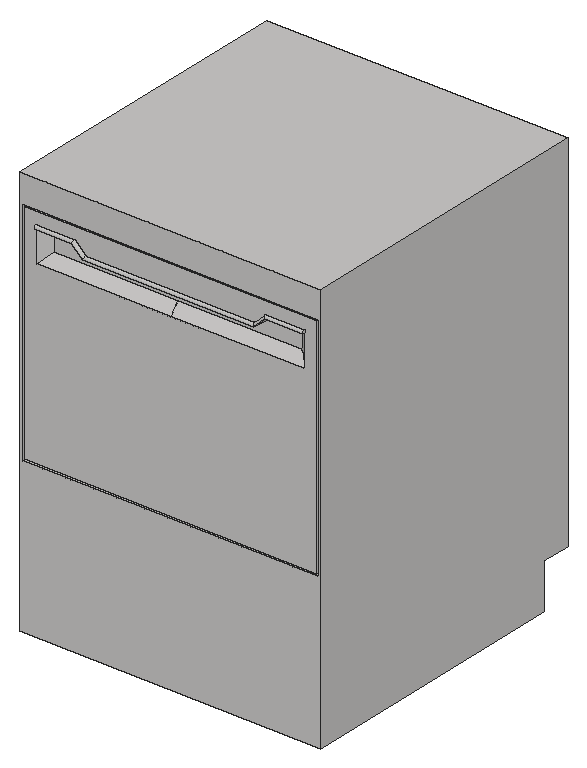
Revit family "QF_ELECTROLUXPROFESSIONAL_502719_ELAI3GCL", category Specialty Equipment, Revit 2018
Family settings
  Round Connector Dimension = Use Diameter
  Part Type = Normal
  Work Plane-Based = No
  Always vertical = Yes
  Cut with Voids When Loaded = No
  Shared = No
  Room Calculation Point = No
Parameters
  Weight = 68.00 kg
  Watts = 0 W
  Volts = 0 V
  URL Manufacturer = ""
  URL = "http://professional.electrolux.com/"
  Steam Supply Size = 0 mm
  Steam Supply Minimum Pressure = 0.0 Pa
  Steam Supply Maximum Pressure = 0.0 Pa
  Steam Pounds per Hour = 0
  Show Logo [instance] = yes
  Show Clearance [instance] = yes
  Refrigeration Suction Line Size = 0 mm
  Refrigeration Liquid Line Size = 0 mm
  Refrigerant Compressor Remote = yes
  Manufacturer = ""
  Phase = 0
  Model = ""
  Length Actual = 600 mm  # constant formula
  Item Number = ""
  Hot Water Size = 0 mm
  Height Actual = 820 mm  # constant formula
  HP = "13.2 HP"
  Gas Size = 0 mm
  Gas KW = 0
  Gas Input Pressure = 0 W
  Direct Waste Size = 20.5 mm
  Description = ""
  Depth Actual = 615 mm  # constant formula
  Cycle = 0 Hz
  Condensate Return Size = 0 mm
  Compressed Air Volume = 0.0 L/s
  Compressed Air Size = 0 mm
  Compressed Air Pressure = 0.0 Pa
  Cold Water Size = 0 mm
  Accessory = yes
Types (2, lengths in mm): name | Volts | URL Manufacturer | URL | Manufacturer | Phase | Model | Item Number | Hot Water Size | Description | Cycle
  (no name) | 0 V | "" | "http://professional.electrolux.com/" | "" | 0 | "" | "" | 0 | "" | 0 Hz
  Standard | 400 V | "http://professional.electrolux.com" | "http://professional.electrolux.com" | "Electrolux Professional" | 3 | "ELAI3GCL" | "502719" | 19.05 | "UNDERCOUNTER(L), WASH-SAFE, DOUBLE SKIN, 3PH, DP, DD, 720D/H - CAFE LINE" | 50 Hz
Reference planes
  plane 1 "Center (Front/Back)": y = 0
  plane 2: z = 0
  plane 3 "Center (Left/Right)": x = 0
  plane 4 "LEFT": x = -300
  plane 5 "RIGHT": x = 300
  plane 6 "FRONT": y = -307.5
  plane 7 "BACK": y = 307.5
  plane 8: z = 830
  plane 9: z = 10
  plane 10: y = 268.5
Forms (mm)
  Extrusion 1, solid, material "QF_Finishes_Stainless Steel"
    sketch origin (0, 0, 0) x (1, 0, 0) y (0, 1, 0)
      loop
        line (-300, -307.5) -> (300, -307.5) -> (300, 249.5) -> (-300, 249.5) -> (-300, -307.5)
    from 10 to 830
  Extrusion 2, solid, material "QF_Finishes_Stainless Steel"
    sketch origin (0, 0, 0) x (1, 0, 0) y (0, 1, 0)
      loop
        line (-300, 249.5) -> (300, 249.5) -> (300, 307.5) -> (-300, 307.5) -> (-300, 249.5)
    from 100 to 830
  Extrusion 3, solid, material "QF_Finishes_Stainless Steel"
    sketch origin (0, 0, 0) x (1, 0, 0) y (0, 1, 0)
      loop
        circle (-254, 193.5) r 12.5
      loop
        circle (254, 193.5) r 12.5
      loop
        circle (-254, -237.5) r 12.5
      loop
        circle (254, -237.5) r 12.5
    from 0 to 10
  Extrusion 4, void
    sketch origin (-300, -307.5, 0) x (-1, 0, 0) y (0, 0, 1)
      loop
        line (-5, 773.217) -> (-595, 773.217) -> (-595, 315.188) -> (-5, 315.188) -> (-5, 773.217)
    from 0 to 30
  Extrusion 5, solid, material "QF_Finishes_Stainless Steel"
    sketch origin (-274, -411, 733) x (0, 0, -1) y (1, 0, 0)
      loop
        circle (693, 143) r 10
    from -660.5 to -718.5
  Extrusion 6, solid, material "QF_Door-Drawer Clearances", visible <- "Show Clearance", detail levels coarse
    sketch origin (-230, -282.5, 0) x (0, 1, 0) y (0, 0, -1)
      loop
        line (-25, -319.312) -> (-397, -319.312)
        arc (-397, -319.312) -> (-298.139, -616.581) -> (-25, -770) r 434.302
        line (-25, -770) -> (-25, -319.312)
    from 61.225 to -521.647
  Extrusion 7, solid, material "QF_Finishes_Stainless Steel"
    sketch origin (-331.481, -411, 703) x (0, 0, -1) y (1, 0, 0)
      loop
        circle (663, 252.481) r 8
    from -660.5 to -718.5
  Extrusion 8, solid, material "QF_Finishes_Stainless Steel"
    sketch origin (-230, -282.5, 0) x (0, 1, 0) y (0, 0, -1)
      loop
        line (-25, -319.312) -> (-25, -770) -> (0, -770) -> (0, -319.312) -> (-25, -319.312)
    from 61.225 to -521.647
  Extrusion 9, solid, material "QF_Finishes_Stainless Steel"
    sketch origin (-301, 942.75, 760.5) x (0, -1, 0) y (1, 0, 0)
      loop
        circle (663, 158) r 8
    from -660.5 to -670.5
  Blend 10, void
    base sketch origin (-230, -307.5, 770) x (0, 0, -1) y (1, 0, 0)
      loop
        line (93.563, -37.311) -> (93.563, 230) -> (93.563, 497.311) -> (28.563, 497.311) -> (28.563, 422.311) -> (49.776, 401.098) -> (49.776, 230) -> (49.776, 58.902) -> (28.563, 37.689) -> (28.563, -37.311) -> (93.563, -37.311)
    top sketch origin (-230, -307.5, 770) x (0, 0, -1) y (1, 0, 0)
      loop
        line (73.563, -17.311) -> (73.563, 230) -> (73.563, 477.311) -> (31.063, 477.311) -> (31.063, 422.311) -> (52.276, 401.098) -> (52.276, 58.902) -> (31.063, 37.689) -> (31.063, -17.311) -> (73.563, -17.311)
    from 0 to -19.433
  Sweep 11, solid, material "QF_Finishes_Stainless Steel"
    path origin (-230, -307.5, 770) x (0, 0, -1) y (1, 0, 0)
      loop
        line (28.563, -37.311) -> (28.563, 37.689) -> (49.776, 58.902) -> (49.776, 401.098) -> (28.563, 422.311) -> (28.563, 497.311)
    profile origin (-229.811, -307.5, 741.437) x (0, 0, 1) y (0, -1, 0)
      loop
        line (0, 0) -> (5, 0)
        arc (5, 0) -> (3.536, 3.536) -> (0, 5) r 5
        arc (0, 5) -> (-0.037, 0.962) -> (-0.394, -3.06) r 51.04
        line (-0.394, -3.06) -> (0, 0)
Cuts and joins
  Extrusion 4 cuts Extrusion 1
  joined: Extrusion 1, Extrusion 2
  Blend 10 cuts Extrusion 8
Lines and regions (mm)
  Split face 1
    outline origin (-300, -307.5, 830) x (0, 0, -1) y (1, 0, 0)
      loop
        line (56.783, 5) -> (56.783, 0)
      loop
        line (56.783, 595) -> (56.783, 600)
      loop
        line (37.034, 600) -> (37.034, 514.297)
        arc (37.034, 514.297) -> (37.64, 511.25) -> (39.366, 508.667) r 7.962
        line (39.366, 508.667) -> (44.289, 503.744)
        arc (44.289, 503.744) -> (46.135, 500.982) -> (46.783, 497.723) r 8.515
        line (46.783, 497.723) -> (46.783, 87.277)
        arc (46.783, 87.277) -> (46.135, 84.018) -> (44.289, 81.256) r 8.515
        line (44.289, 81.256) -> (39.366, 76.333)
        arc (39.366, 76.333) -> (37.64, 73.75) -> (37.034, 70.703) r 7.962
        line (37.034, 70.703) -> (37.034, 0)
  Split face 2
    outline origin (-300, -307.5, 830) x (0, 0, -1) y (1, 0, 0)
      loop
        line (13.15, 274.82) -> (37.034, 274.82) -> (37.034, 325.18) -> (13.15, 325.18) -> (13.15, 274.82)
  symbolic lines
    curve 1: line (-300, 307.5, 0) -> (300, 307.5, 0)
    curve 2: line (-300, -307.5, 0) -> (-300, 307.5, 0)
    curve 3: line (300, -307.5, 0) -> (-300, -307.5, 0)
    curve 4: line (300, 307.5, 0) -> (300, -307.5, 0)
  symbolic lines, style "QF_Door-Drawer Clearances"
    curve 5: line (-291.225, -679.5, 0) -> (291.647, -679.5, 0)
    curve 6: line (291.647, -679.5, 0) -> (291.647, -307.5, 0)
    curve 7: line (-291.225, -679.5, 0) -> (-291.225, -307.5, 0)
  symbolic lines, style "SpecialityEquipmentHiddenLines"
    curve 8: line (-300, 249.5, 0) -> (300, 249.5, 0)
Dimensions and locks
  equal spacing: plane 4 "LEFT", plane 3 "Center (Left/Right)", plane 5 "RIGHT"
  equal spacing: plane 7 "BACK", plane 1 "Center (Front/Back)", plane 6 "FRONT"
  plane 7 "BACK" to plane 6 "FRONT" = 615 mm
  plane 4 "LEFT" to plane 5 "RIGHT" = 600 mm
  locked: plane 9 to level at 10
  plane 4 "LEFT" to plane 3 "Center (Left/Right)" = 300 mm
  plane 8 to level = 830 mm  (x2)
  Extrusion 9 sketch curve to plane 4 "LEFT" = 157 mm
  level to Extrusion 5 sketch curve = 40 mm
  Extrusion 5 sketch curve to plane 4 "LEFT" = 169 mm
  Extrusion 7 sketch curve to plane 4 "LEFT" = 221 mm
  level to Extrusion 7 sketch curve = 40 mm
  Extrusion 3 to cut or joined group of Extrusion 1, Extrusion 2, Extrusion 4 = 114 mm
  Extrusion 3 to Extrusion 3 = 431 mm
  plane 6 "FRONT" to Extrusion 3 = 70 mm
  plane 1 "Center (Front/Back)" to plane 6 "FRONT" = 307.5 mm
  locked: plane 7 "BACK" to plane 10 at 39
  plane 7 "BACK" to curve 5 = 987 mm
  Extrusion 8 to cut or joined group of Extrusion 1, Extrusion 2, Extrusion 4 = 454.812 mm
  aligned and locked: level to plane 2
  aligned and locked: Extrusion 1 sketch curve to plane 6 "FRONT"
  aligned and locked: Extrusion 1 sketch curve to plane 4 "LEFT"
  aligned and locked: plane 5 "RIGHT" to Extrusion 1 sketch curve
  aligned and locked: Extrusion 1 to plane 9
  aligned and locked: Extrusion 2 sketch curve to Extrusion 1
  aligned and locked: plane 7 "BACK" to Extrusion 2 sketch curve
  aligned and locked: plane 5 "RIGHT" to Extrusion 2 sketch curve
  aligned and locked: plane 9 to Extrusion 3
Automatic sketch dimensions
  Extrusion 1 sketch curve to plane 10 = 19 mm
  Extrusion 2 sketch curve to plane 10 = 19 mm
  plane 4 "LEFT" to Extrusion 3 sketch curve = 46 mm  (x2)
  Extrusion 3 sketch curve to plane 5 "RIGHT" = 46 mm  (x2)
  plane 6 "FRONT" to Extrusion 3 sketch curve = 70 mm  (x2)
  Extrusion 3 sketch curve to plane 10 = 75 mm  (x2)
  Extrusion 4 sketch curve to Extrusion 1 = 5 mm  (x2)
  Extrusion 4 sketch curve to Extrusion 1 = 305.188 mm
  Extrusion 4 sketch curve to Extrusion 1 = 56.783 mm
  Extrusion 8 sketch curve to plane 6 "FRONT" = 0 mm
  Extrusion 8 sketch curve to Extrusion 8 sketch curve = 25 mm
  Extrusion 8 sketch curve to plane 8 = 60 mm
  plane 9 to Extrusion 8 sketch curve = 309.312 mm
  cut or joined group of Extrusion 1, Extrusion 2, Extrusion 4 to Split face 1 sketch curve = 0 mm  (x2)
  Split face 1 sketch curve to cut or joined group of Extrusion 1, Extrusion 2, Extrusion 4 = 0 mm  (x6)
  cut or joined group of Extrusion 1, Extrusion 2, Extrusion 4 to Split face 1 sketch curve = 10 mm
  Split face 1 sketch curve to Split face 1 sketch curve = 2.494 mm  (x2)
  Split face 1 sketch curve to Split face 1 sketch curve = 8.515 mm  (x2)
  cut or joined group of Extrusion 1, Extrusion 2, Extrusion 4 to Split face 1 sketch curve = 11.786 mm  (x2)
  Split face 1 sketch curve to Split face 1 sketch curve = 5.63 mm  (x2)
  Split face 1 sketch curve to Split face 1 sketch curve = 2.332 mm  (x2)
  Split face 1 sketch curve to cut or joined group of Extrusion 1, Extrusion 2, Extrusion 4 = 65.703 mm
  Split face 1 sketch curve to Split face 1 sketch curve = 4.923 mm  (x2)
  Split face 1 sketch curve to cut or joined group of Extrusion 1, Extrusion 2, Extrusion 4 = 97.277 mm
  Split face 2 sketch curve to cut or joined group of Extrusion 1, Extrusion 2, Extrusion 4 = 13.15 mm
  cut or joined group of Extrusion 1, Extrusion 2, Extrusion 4 to Split face 2 sketch curve = 19.749 mm
  Split face 2 sketch curve to cut or joined group of Extrusion 1, Extrusion 2, Extrusion 4 = 269.82 mm
  Split face 2 sketch curve to Split face 2 sketch curve = 50.359 mm
  curve 1 to plane 4 "LEFT" = 0 mm
  curve 7 to plane 6 "FRONT" = 0 mm
  curve 4 to plane 5 "RIGHT" = 0 mm
  curve 8 to plane 10 = 19 mm
  curve 2 to plane 7 "BACK" = 0 mm
  plane 4 "LEFT" to curve 5 = 8.775 mm
  curve 6 to plane 5 "RIGHT" = 8.353 mm
  Extrusion 6 sketch curve to plane 6 "FRONT" = 0 mm
  plane 6 "FRONT" to Extrusion 6 sketch curve = 61.803 mm
  plane 9 to Extrusion 6 sketch curve = 330.118 mm
  Extrusion 6 sketch curve to Extrusion 6 sketch curve = 20.806 mm
  Extrusion 6 sketch curve to plane 6 "FRONT" = 372 mm
  Blend 10 sketch curve to Extrusion 8 = 28.563 mm  (x2)
  Blend 10 sketch curve to Extrusion 8 = 49.776 mm
  Blend 10 sketch curve to Blend 10 sketch curve = 65 mm
  Extrusion 8 to Blend 10 sketch curve = 23.913 mm
  Blend 10 sketch curve to Blend 10 sketch curve = 75 mm  (x2)
  Blend 10 sketch curve to Blend 10 sketch curve = 21.213 mm  (x5)
  Blend 10 sketch curve to Blend 10 sketch curve = 171.098 mm  (x2)
  Blend 10 sketch curve to Blend 10 sketch curve = 0 mm
  Extrusion 8 to Blend 10 sketch curve = 120.549 mm
  Extrusion 8 to Blend 10 sketch curve = 99.335 mm
  Extrusion 8 to Blend 10 sketch curve = 43.913 mm
  Blend 10 sketch curve to Blend 10 sketch curve = 42.5 mm
  Extrusion 8 to Blend 10 sketch curve = 44.335 mm
  Blend 10 sketch curve to Blend 10 sketch curve = 55 mm  (x2)
  Blend 10 sketch curve to Extrusion 8 = 31.063 mm
  Extrusion 8 to Sweep 11 sketch curve = 98.913 mm
  Sweep 11 sketch curve to Sweep 11 sketch curve = 21.213 mm  (x4)
  Extrusion 8 to Sweep 11 sketch curve = 23.913 mm
  Sweep 11 sketch curve to Extrusion 8 = 28.563 mm
  Extrusion 8 to Sweep 11 sketch curve = 99.335 mm
  Extrusion 8 to Sweep 11 sketch curve = 24.335 mm
  profile plane to Sweep 11 sketch curve = 0 mm  (x2)
  Sweep 11 sketch curve to profile plane = 0 mm
  profile plane to Sweep 11 sketch curve = 3.452 mm
  Sweep 11 sketch curve to Sweep 11 sketch curve = 5 mm
  profile plane to Sweep 11 sketch curve = 0.394 mm
  Sweep 11 sketch curve to profile plane = 3.06 mm
  plane 10 to Extrusion 9 sketch curve = 11.25 mm
  radius of Extrusion 3 sketch curve = 12.5 mm  (x4)
  radius of Extrusion 5 sketch curve = 10 mm
  radius of Extrusion 7 sketch curve = 8 mm
  radius of Extrusion 9 sketch curve = 8 mm
Connectors
  piping at (-131, 307.5, 40), diameter 20
    settings: on Extrusion 5, index 1, connector inside diameter 609.6 mm, connector length 0 mm, flow factor 0, pipe flow 0.0 L/s, pressure drop 0.0 Pa, fitting loss kfactor 0, connector angle 0.00°, fixture units 0, engagement length 0 mm, angle of deflection 0.00°, flow configuration 1, flow direction 1, fitting loss method 0, system type 16, joint type 0, gender type 0, connector reference index -1, connector utility 0, adjustable connector no, is connector primary yes, connector description "Drain"
  piping at (-79, 307.5, 40), diameter 16
    settings: on Extrusion 7, index 3, connector inside diameter 609.6 mm, connector length 0 mm, flow factor 0, pipe flow 0.0 L/s, pressure drop 0.0 Pa, fitting loss kfactor 0, connector angle 0.00°, fixture units 0, engagement length 0 mm, angle of deflection 0.00°, flow configuration 1, flow direction 1, fitting loss method 0, system type 20, joint type 0, gender type 0, connector reference index -1, connector utility 0, adjustable connector no, is connector primary no, connector description "Cold Water Inlet"
  electrical at (-143, 279.75, 90), driven by "Volts"
    settings: on Extrusion 9, index 4, voltage 0 V, apparent load 0 VA, apparent load phase1 0 VA, apparent load phase2 0 VA, apparent load phase3 0 VA, power factor 1, load classification "Altro", number of poles 1, system type 31, power factor state 1, is connector primary yes, connector utility no, sub classification motor no, connector description "Electrical Connection"
